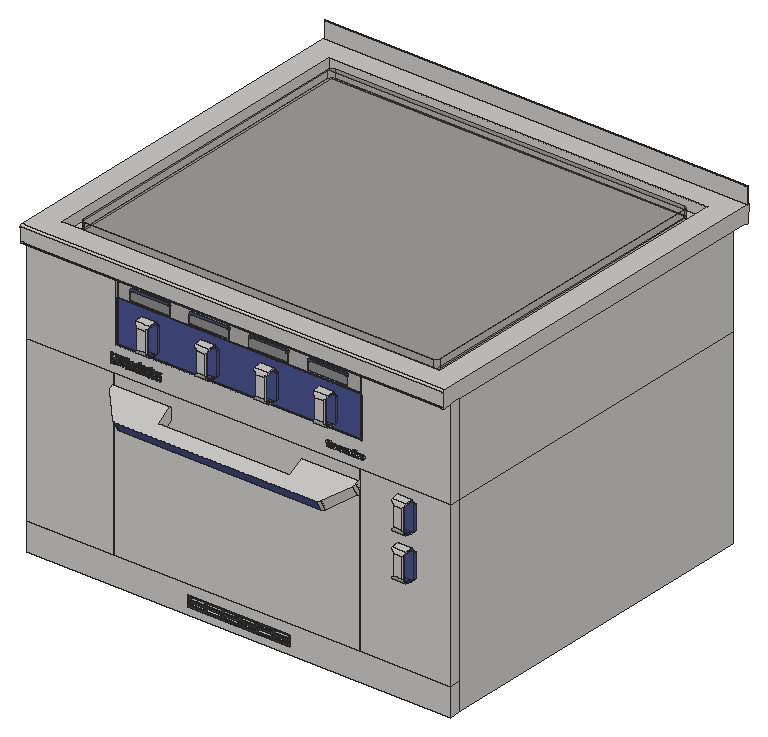
Revit family "QF_ELECTROLUXPROFESSIONAL_589666_MCIMEBJ8AO", category Attrezzature speciali, Revit 2020
Family settings
  Quota connettore circolare = Usa diametro
  Tipo di parte = Normale
  Basato su piano di lavoro = No
  Sempre verticale = Sì
  Taglio con vuoti quando caricato = No
  Condiviso = No
  Punto di calcolo locali = No
Parameters (values of type "Standard")
  Weight = 197.00 kg
  Watts = 25000 W
  Volts = 400 V
  URL Manufacturer = "https://www.electroluxprofessional.com/"
  URL = "https://www.electroluxprofessional.com/"
  Steam Supply Size = 0"
  Steam Supply Minimum Pressure = 0.00 psi
  Steam Supply Maximum Pressure = 0.00 psi
  Steam Consumption per Hour = 0
  Refrigeration Suction Line Size = 0 mm
  Refrigeration Liquid Line Size = 0 mm
  Refrigerant Compressor Remote = yes
  Prospetto di default = 0 mm
  Phase = 3
  Modello = "MCIMEBJ8AO"
  Produttore = "Electrolux Professional"
  Length Actual = 1000 mm  # constant formula
  Item Number = "589666"
  Hot Water Size = 0"
  Height Actual = 700 mm  # constant formula
  HP = "33.5 HP"
  Gas Size = 0"
  Gas KW = 0
  Gas Input Pressure = 0.0 Btu/h
  Direct Waste Size = 0"
  Descrizione = "INDUCTION,4Z,ST.OVEN,1S,BS,1000X900X700H"
  Depth Actual = 900 mm  # constant formula
  Cycle = 50 Hz
  Condensate Return Size = 0"
  Compressed Air Volume = 0 GPM
  Compressed Air Size = 0"
  Compressed Air Pressure = 0.00 psi
  Cold Water Size = 0"
  Accessory = yes
Reference planes
  plane 1 "BACK": y = 0
  plane 2: z = 0
  plane 3 "LEFT": x = -100
  plane 4 "RIGHT": x = 900
  plane 5 "FRONT": y = -900
  plane 6 "TOP": z = 900
  plane 7 "Center (Left/Right)": x = 400
  plane 8: y = -450
  plane 9: z = 200
  plane 10: y = -150
  plane 11 "Panel": y = -855
  plane 12: z = 798
  plane 13: z = 1327
  plane 14: x = -22
  plane 15: x = 822
  plane 16: y = -150
  plane 17: y = -650
  plane 18 "EIx": x = 855
  plane 19 "EIy": y = -685
  plane 20: y = -880
  plane 21: z = 938
Forms (mm)
  Extrusion 1, solid, material "QF_Finishes_Stainless Steel"
    sketch origin (-178.969, -4572, 200) x (-1, 0, 0) y (0, -1, 0)
      loop
        line (-78.969, -4527) -> (-78.969, -3717) -> (-1078.969, -3717) -> (-1078.969, -4527) -> (-78.969, -4527)
    from 450 to 663
  Extrusion 2, solid, material "QF_Finishes_Stainless Steel"
    sketch origin (-100, 0, 0) x (0, 1, 0) y (0, 0, 1)
      loop
        line (-855, 200) -> (-855, 265) -> (-880, 265) -> (-880, 200) -> (-855, 200)
    from 0 to 1000
  Extrusion 3, solid, material "QF_Finishes_Stainless Steel"
    sketch origin (-488.969, -4662, 200) x (-1, 0, 0) y (0, -1, 0)
      loop
        circle (-1343.969, -3977) r 6.35
    from 0 to -11.851
  Extrusion 4, solid, material "QF_Finishes_Stainless Steel"
    sketch origin (400, 296.4, 1219.2) x (0, 1, 0) y (0, 0, 1)
      loop
        line (-296.4, -319.2) -> (-1191.4, -319.2)
        arc (-1191.4, -319.2) -> (-1194.935, -320.664) -> (-1196.4, -324.2) r 5
        line (-1196.4, -324.2) -> (-1196.4, -355.2)
        arc (-1196.4, -355.2) -> (-1194.971, -358.264) -> (-1191.705, -359.139) r 4
        line (-1191.705, -359.139) -> (-1176.4, -356.231) -> (-316.4, -356.231) -> (-301.094, -359.139)
        arc (-301.094, -359.139) -> (-297.829, -358.264) -> (-296.4, -355.2) r 4
        line (-296.4, -355.2) -> (-296.4, -319.2)
    from -500 to 500
  Extrusion 5, solid, material "QF_Finishes_Electrolux_Black Smoke Iluminated"
    sketch origin (0, 0, 900) x (-1, 0, 0) y (0, -1, 0)
      loop
        arc (12, 79) -> (19.071, 81.929) -> (22, 89) r 10
        line (22, 89) -> (22, 810)
        arc (22, 810) -> (19.071, 817.071) -> (12, 820) r 10
        line (12, 820) -> (-812, 820)
        arc (-812, 820) -> (-819.071, 817.071) -> (-822, 810) r 10
        line (-822, 810) -> (-822, 89)
        arc (-822, 89) -> (-819.071, 81.929) -> (-812, 79) r 10
        line (-812, 79) -> (12, 79)
    from 0 to -20
  Extrusion 6, solid, material "QF_Finishes_Stainless Steel"
    sketch origin (-178.969, -4572, 200) x (-1, 0, 0) y (0, -1, 0)
      loop
        line (-78.969, -4527) -> (-78.969, -3717) -> (-1078.969, -3717) -> (-1078.969, -4527) -> (-78.969, -4527)
    from 450 to 0
  Extrusion 7, void
    sketch origin (0, -855, 0) x (-1, 0, 0) y (0, 0, 1)
      loop
        line (-520, 216.594) -> (-280, 216.594) -> (-280, 241.594) -> (-520, 241.594) -> (-520, 216.594)
    from 0 to -25
  Extrusion 8, solid, material "QF_Finishes_Black"
    sketch origin (0, -855, 0) x (-1, 0, 0) y (0, 0, 1)
      loop
        line (-280, 241.594) -> (-520, 241.594) -> (-520, 216.594) -> (-280, 216.594) -> (-280, 241.594)
      loop
        line (-282, 239.594) -> (-319.131, 239.594) -> (-319.131, 230.094) -> (-282, 230.094) -> (-282, 239.594)
      loop
        line (-282, 218.594) -> (-282, 228.094) -> (-319.131, 228.094) -> (-319.131, 218.594) -> (-282, 218.594)
      loop
        line (-321.131, 239.594) -> (-359.066, 239.594) -> (-359.066, 230.094) -> (-321.131, 230.094) -> (-321.131, 239.594)
      loop
        line (-399, 239.594) -> (-399, 230.094) -> (-361.066, 230.094) -> (-361.066, 239.594) -> (-399, 239.594)
      loop
        line (-401, 239.594) -> (-438.934, 239.594) -> (-438.934, 230.094) -> (-401, 230.094) -> (-401, 239.594)
      loop
        line (-359.066, 218.594) -> (-321.131, 218.594) -> (-321.131, 228.094) -> (-359.066, 228.094) -> (-359.066, 218.594)
      loop
        line (-361.066, 218.594) -> (-361.066, 228.094) -> (-399, 228.094) -> (-399, 218.594) -> (-361.066, 218.594)
      loop
        line (-401, 228.094) -> (-438.934, 228.094) -> (-438.934, 218.594) -> (-401, 218.594) -> (-401, 228.094)
      loop
        line (-518, 239.594) -> (-518, 230.094) -> (-480.869, 230.094) -> (-480.869, 239.594) -> (-518, 239.594)
      loop
        line (-518, 218.594) -> (-480.869, 218.594) -> (-480.869, 228.094) -> (-518, 228.094) -> (-518, 218.594)
      loop
        line (-478.869, 239.594) -> (-478.869, 230.094) -> (-440.934, 230.094) -> (-440.934, 239.594) -> (-478.869, 239.594)
      loop
        line (-440.934, 218.594) -> (-440.934, 228.094) -> (-478.869, 228.094) -> (-478.869, 218.594) -> (-440.934, 218.594)
    from -25.03 to -20
  Extrusion 9, void
    sketch origin (0, 0, 900) x (-1, 0, 0) y (0, -1, 0)
      loop
        line (47, 845) -> (-847, 845) -> (-847, 54) -> (47, 54) -> (47, 845)
    from 0 to -25
  Extrusion 10, solid, material "QF_Finishes_Stainless Steel"
    sketch origin (0, 0, 900) x (-1, 0, 0) y (0, -1, 0)
      loop
        line (18, 83) -> (18, 816) -> (-818, 816) -> (-818, 83) -> (18, 83)
    from -20 to -25
  Extrusion 11, solid, material "QF_Finishes_Stainless Steel"
    sketch origin (400, 296.4, 1219.2) x (0, 1, 0) y (0, 0, 1)
      loop
        line (-296.4, -319.2) -> (-296.4, -281.2) -> (-298.4, -281.2) -> (-298.4, -319.2) -> (-296.4, -319.2)
    from -500 to 500
Cuts and joins
  Extrusion 7 cuts Extrusion 6
  Extrusion 7 cuts Extrusion 2
  Extrusion 9 cuts Extrusion 4
Lines and regions (mm)
  symbolic lines
    curve 1: line (-100, 0, 200) -> (900, 0, 200)
    curve 2: line (-100, -900, 200) -> (-100, 0, 200)
    curve 3: line (900, -900, 200) -> (-100, -900, 200)
    curve 4: line (900, 0, 200) -> (900, -900, 200)
    curve 5: line (812, -79, 200) -> (-12, -79, 200)
    curve 6: line (-22, -89, 200) -> (-22, -810, 200)
    curve 7: line (-12, -820, 200) -> (812, -820, 200)
    curve 8: line (822, -810, 200) -> (822, -89, 200)
    curve 9: arc (-12, -79, 200) -> (-19.071, -81.929, 200) -> (-22, -89, 200) r 10
    curve 10: arc (822, -89, 200) -> (819.071, -81.929, 200) -> (812, -79, 200) r 10
    curve 11: arc (812, -820, 200) -> (819.071, -817.071, 200) -> (822, -810, 200) r 10
    curve 12: arc (-22, -810, 200) -> (-19.071, -817.071, 200) -> (-12, -820, 200) r 10
    curve 13: line (847, -54, 900) -> (-47, -54, 900)
    curve 14: line (-47, -54, 900) -> (-47, -845, 900)
    curve 15: line (847, -845, 900) -> (847, -54, 900)
    curve 16: line (-47, -845, 900) -> (847, -845, 900)
    curve 55: line (-100, -2, 900) -> (900, -2, 900)
  model lines
    curve 17: line (64.474, -422.012, 900) -> (46.796, -404.335, 900)
    curve 18: line (46.796, -404.335, 900) -> (46.796, -169.335, 900)
    curve 19: line (46.796, -169.335, 900) -> (64.474, -151.657, 900)
    curve 20: line (183.85, -245.603, 900) -> (183.85, -325.603, 900)
    curve 21: line (143.85, -285.603, 900) -> (223.85, -285.603, 900)
    curve 22: line (303.226, -422.012, 900) -> (320.903, -404.335, 900)
    curve 23: line (320.903, -404.335, 900) -> (320.903, -169.335, 900)
    curve 24: line (320.903, -169.335, 900) -> (303.226, -151.657, 900)
    curve 25: line (494.474, -422.012, 900) -> (476.796, -404.335, 900)
    curve 26: line (476.796, -404.335, 900) -> (476.796, -169.335, 900)
    curve 27: line (476.796, -169.335, 900) -> (494.474, -151.657, 900)
    curve 28: line (613.85, -245.603, 900) -> (613.85, -325.603, 900)
    curve 29: line (573.85, -285.603, 900) -> (653.85, -285.603, 900)
    curve 30: line (733.226, -422.012, 900) -> (750.903, -404.335, 900)
    curve 31: line (750.903, -404.335, 900) -> (750.903, -169.335, 900)
    curve 32: line (750.903, -169.335, 900) -> (733.226, -151.657, 900)
    curve 33: line (64.474, -477.988, 900) -> (46.796, -495.665, 900)
    curve 34: line (46.796, -495.665, 900) -> (46.796, -730.665, 900)
    curve 35: line (46.796, -730.665, 900) -> (64.474, -748.343, 900)
    curve 36: line (183.85, -654.397, 900) -> (183.85, -574.397, 900)
    curve 37: line (143.85, -614.397, 900) -> (223.85, -614.397, 900)
    curve 38: line (303.226, -477.988, 900) -> (320.903, -495.665, 900)
    curve 39: line (320.903, -495.665, 900) -> (320.903, -730.665, 900)
    curve 40: line (320.903, -730.665, 900) -> (303.226, -748.343, 900)
    curve 41: line (494.474, -477.988, 900) -> (476.796, -495.665, 900)
    curve 42: line (476.796, -495.665, 900) -> (476.796, -730.665, 900)
    curve 43: line (476.796, -730.665, 900) -> (494.474, -748.343, 900)
    curve 44: line (613.85, -654.397, 900) -> (613.85, -574.397, 900)
    curve 45: line (573.85, -614.397, 900) -> (653.85, -614.397, 900)
    curve 46: line (733.226, -477.988, 900) -> (750.903, -495.665, 900)
    curve 47: line (750.903, -495.665, 900) -> (750.903, -730.665, 900)
    curve 48: line (750.903, -730.665, 900) -> (733.226, -748.343, 900)
    curve 49: line (-7.896, -110.891, 900) -> (13.317, -89.677, 900)
    curve 50: line (13.317, -89.677, 900) -> (786.683, -89.677, 900)
    curve 51: line (807.896, -110.891, 900) -> (786.683, -89.677, 900)
    curve 52: line (-7.896, -789.109, 900) -> (13.317, -810.323, 900)
    curve 53: line (13.317, -810.323, 900) -> (786.683, -810.323, 900)
    curve 54: line (807.896, -789.109, 900) -> (786.683, -810.323, 900)
Dimensions and locks
  plane 3 "LEFT" to plane 4 "RIGHT" = 1000 mm
  plane 5 "FRONT" to plane 1 "BACK" = 900 mm
  plane 3 "LEFT" to plane 7 "Center (Left/Right)" to plane 4 "RIGHT" = 500 mm, 500 mm
  equal spacing: plane 5 "FRONT", plane 8, plane 1 "BACK"
  plane 6 "TOP" to level = 900 mm  (x2)
  plane 9 to level = 200 mm
  plane 1 "BACK" to plane 10 to plane 11 "Panel" = 150 mm, 705 mm  (x2)
  plane 6 "TOP" to plane 9 to level = 700 mm, 200 mm
  plane 1 "BACK" to plane 5 "FRONT" = 900 mm
  plane 1 "BACK" to Extrusion 3 = 685 mm
  plane 12 to plane 9 = 598 mm
  plane 13 to plane 6 "TOP" = 427 mm
  plane 6 "TOP" to plane 12 = 102 mm
  plane 14 to plane 3 "LEFT" = 78 mm
  plane 15 to plane 4 "RIGHT" = 78 mm
  locked: plane 1 "BACK" to plane 16 at 150
  locked: plane 16 to plane 17 at 500
  plane 11 "Panel" to plane 5 "FRONT" = 45 mm
  plane 18 "EIx" to plane 4 "RIGHT" = 45 mm
  plane 19 "EIy" to plane 1 "BACK" = 685 mm
  locked: plane 11 "Panel" to plane 20 at 25
  plane 21 to plane 6 "TOP" = 38 mm
  aligned and locked: level to plane 2
  aligned and locked: Extrusion 2 to plane 4 "RIGHT"
  aligned and locked: cut or joined group of Extrusion 4, Extrusion 9 to plane 3 "LEFT"
  aligned and locked: cut or joined group of Extrusion 4, Extrusion 9 to plane 4 "RIGHT"
  aligned and locked: cut or joined group of Extrusion 6, Extrusion 7 to plane 4 "RIGHT"
  aligned and locked: cut or joined group of Extrusion 6, Extrusion 7 to plane 3 "LEFT"
  aligned and locked: nested 1 to plane 11 "Panel"
  aligned and locked: nested 4 to plane 11 "Panel"
  aligned and locked: Extrusion 1 to plane 11 "Panel"
  aligned and locked: plane 11 "Panel" to cut or joined group of Extrusion 2, Extrusion 7
  aligned and locked: nested 2 to plane 20
  aligned and locked: nested 3 to plane 20
  aligned and locked: Extrusion 1 to plane 3 "LEFT"
  aligned and locked: Extrusion 1 to plane 4 "RIGHT"
  aligned and locked: plane 3 "LEFT" to nested 1
Automatic sketch dimensions
  Extrusion 3 sketch curve to plane 18 "EIx" = 0 mm
  Extrusion 3 sketch curve to plane 19 "EIy" = 0 mm
  Extrusion 4 sketch curve to plane 5 "FRONT" = 0 mm
  Extrusion 4 sketch curve to plane 6 "TOP" = 0 mm
  Extrusion 4 sketch curve to plane 20 = 0 mm
  Extrusion 4 sketch curve to plane 1 "BACK" = 0 mm
  Extrusion 4 sketch curve to Extrusion 4 sketch curve = 4 mm
  Extrusion 4 sketch curve to Extrusion 4 sketch curve = 0.695 mm
  Extrusion 4 sketch curve to plane 5 "FRONT" = 5 mm
  plane 1 "BACK" to Extrusion 4 sketch curve = 20 mm
  plane 1 "BACK" to Extrusion 4 sketch curve = 4.695 mm
  plane 1 "BACK" to Extrusion 4 sketch curve = 4 mm
  Extrusion 4 sketch curve to Extrusion 4 sketch curve = 31 mm
  Extrusion 4 sketch curve to Extrusion 4 sketch curve = 36 mm
  Extrusion 4 sketch curve to Extrusion 4 sketch curve = 2.909 mm
  Extrusion 1 sketch curve to plane 4 "RIGHT" = 0 mm
  Extrusion 1 sketch curve to plane 3 "LEFT" = 0 mm
  Extrusion 1 sketch curve to plane 11 "Panel" = 0 mm
  plane 1 "BACK" to Extrusion 1 sketch curve = 45 mm
  Extrusion 2 sketch curve to plane 9 = 0 mm
  Extrusion 2 sketch curve to plane 20 = 0 mm
  Extrusion 2 sketch curve to plane 11 "Panel" = 0 mm
  plane 9 to Extrusion 2 sketch curve = 65 mm
  plane 1 "BACK" to curve 1 = 0 mm
  curve 1 to plane 4 "RIGHT" = 0 mm
  curve 8 to plane 15 = 0 mm
  curve 6 to plane 14 = 0 mm
  curve 2 to plane 3 "LEFT" = 0 mm
  plane 5 "FRONT" to curve 3 = 0 mm
  plane 15 to curve 5 = 10 mm
  plane 15 to curve 11 = 10 mm
  curve 5 to plane 14 = 10 mm
  curve 12 to curve 12 = 10 mm
  plane 10 to curve 5 = 71 mm
  plane 11 "Panel" to curve 11 = 45 mm
  Extrusion 5 sketch curve to plane 15 = 0 mm
  Extrusion 5 sketch curve to plane 14 = 0 mm
  plane 15 to Extrusion 5 sketch curve = 10 mm  (x2)
  Extrusion 5 sketch curve to Extrusion 5 sketch curve = 10 mm  (x2)
  plane 10 to Extrusion 5 sketch curve = 71 mm
  plane 11 "Panel" to Extrusion 5 sketch curve = 45 mm
  Extrusion 6 sketch curve to plane 4 "RIGHT" = 0 mm
  Extrusion 6 sketch curve to plane 3 "LEFT" = 0 mm
  Extrusion 6 sketch curve to plane 11 "Panel" = 0 mm
  plane 1 "BACK" to Extrusion 6 sketch curve = 45 mm
  plane 9 to Extrusion 7 sketch curve = 41.594 mm
  plane 7 "Center (Left/Right)" to Extrusion 7 sketch curve = 120 mm
  Extrusion 7 sketch curve to plane 7 "Center (Left/Right)" = 120 mm
  plane 9 to Extrusion 7 sketch curve = 16.594 mm
  plane 9 to Extrusion 8 sketch curve = 41.594 mm
  plane 7 "Center (Left/Right)" to Extrusion 8 sketch curve = 120 mm
  Extrusion 8 sketch curve to Extrusion 8 sketch curve = 2 mm  (x16)
  Extrusion 8 sketch curve to Extrusion 8 sketch curve = 0 mm  (x15)
  Extrusion 8 sketch curve to Extrusion 8 sketch curve = 37.131 mm  (x2)
  Extrusion 8 sketch curve to Extrusion 8 sketch curve = 37.934 mm  (x3)
  plane 7 "Center (Left/Right)" to Extrusion 8 sketch curve = 1 mm  (x2)
  Extrusion 8 sketch curve to plane 7 "Center (Left/Right)" = 1 mm  (x2)
  plane 9 to Extrusion 8 sketch curve = 18.594 mm  (x4)
  Extrusion 8 sketch curve to Extrusion 8 sketch curve = 9.5 mm  (x6)
  plane 18 "EIx" to Extrusion 9 sketch curve = 8 mm
  plane 14 to Extrusion 9 sketch curve = 25 mm
  plane 1 "BACK" to Extrusion 9 sketch curve = 54 mm
  plane 11 "Panel" to Extrusion 9 sketch curve = 10 mm
  plane 15 to Extrusion 10 sketch curve = 4 mm
  Extrusion 10 sketch curve to plane 14 = 4 mm
  plane 10 to Extrusion 10 sketch curve = 67 mm
  plane 11 "Panel" to Extrusion 10 sketch curve = 39 mm
  plane 18 "EIx" to curve 15 = 8 mm
  plane 15 to curve 51 = 35.317 mm
  plane 15 to curve 53 = 35.317 mm
  curve 32 to plane 10 = 19.335 mm
  plane 15 to curve 32 = 71.097 mm
  plane 15 to curve 48 = 71.097 mm
  plane 7 "Center (Left/Right)" to curve 26 = 76.796 mm
  plane 7 "Center (Left/Right)" to curve 42 = 76.796 mm
  curve 38 to plane 7 "Center (Left/Right)" = 79.097 mm
  curve 23 to plane 10 = 19.335 mm
  curve 23 to plane 7 "Center (Left/Right)" = 79.097 mm
  curve 35 to plane 14 = 68.796 mm
  curve 17 to plane 14 = 68.796 mm
  curve 50 to plane 14 = 35.317 mm
  curve 53 to plane 14 = 35.317 mm
  plane 14 to curve 14 = 25 mm
  plane 10 to curve 49 = 60.323 mm
  plane 1 "BACK" to curve 15 = 54 mm
  curve 18 to plane 10 = 19.335 mm
  curve 27 to plane 10 = 19.335 mm
  plane 8 to curve 18 = 45.665 mm
  plane 8 to curve 26 = 45.665 mm
  plane 8 to curve 23 = 45.665 mm
  plane 8 to curve 30 = 45.665 mm
  curve 34 to plane 8 = 45.665 mm
  curve 42 to plane 8 = 45.665 mm
  curve 38 to plane 8 = 45.665 mm
  curve 46 to plane 8 = 45.665 mm
  curve 42 to plane 19 "EIy" = 45.665 mm
  curve 39 to plane 19 "EIy" = 45.665 mm
  curve 34 to plane 19 "EIy" = 45.665 mm
  curve 48 to plane 19 "EIy" = 45.665 mm
  plane 11 "Panel" to curve 54 = 44.677 mm
  plane 11 "Panel" to curve 16 = 10 mm
  plane 15 to curve 51 = 14.104 mm
  plane 15 to curve 54 = 14.104 mm
  curve 32 to plane 10 = 1.657 mm
  curve 31 to curve 32 = 17.678 mm
  curve 46 to plane 8 = 27.988 mm
  curve 46 to curve 46 = 17.678 mm
  curve 47 to curve 48 = 17.678 mm  (x2)
  plane 8 to curve 30 = 27.988 mm
  curve 30 to curve 30 = 17.678 mm
  curve 45 to plane 17 = 35.603 mm
  curve 47 to curve 45 = 97.053 mm
  curve 31 to curve 29 = 97.053 mm
  curve 45 to curve 44 = 40 mm
  curve 29 to curve 28 = 40 mm  (x2)
  curve 28 to curve 29 = 40 mm  (x2)
  curve 44 to curve 45 = 40 mm  (x2)
  curve 43 to curve 42 = 17.678 mm
  curve 41 to plane 8 = 27.988 mm
  curve 41 to curve 41 = 17.678 mm
  curve 27 to plane 10 = 1.657 mm
  curve 27 to curve 26 = 17.678 mm
  plane 8 to curve 25 = 27.988 mm
  curve 25 to curve 25 = 17.678 mm
  curve 38 to plane 8 = 27.988 mm
  curve 38 to curve 38 = 17.678 mm
  curve 39 to curve 40 = 17.678 mm  (x2)
  plane 8 to curve 22 = 27.988 mm
  curve 22 to curve 22 = 17.678 mm
  curve 24 to plane 10 = 1.657 mm
  curve 23 to curve 24 = 17.678 mm
  curve 37 to plane 17 = 35.603 mm
  curve 39 to curve 37 = 97.053 mm
  curve 23 to curve 21 = 97.053 mm
  curve 21 to curve 20 = 40 mm  (x2)
  curve 37 to curve 36 = 40 mm
  curve 20 to curve 21 = 40 mm  (x2)
  curve 36 to curve 37 = 40 mm  (x2)
  plane 8 to curve 17 = 27.988 mm
  curve 17 to curve 17 = 17.678 mm
  curve 33 to plane 8 = 27.988 mm
  curve 33 to curve 33 = 17.678 mm
  curve 35 to curve 34 = 17.678 mm
  curve 19 to plane 10 = 1.657 mm
  curve 19 to curve 18 = 17.678 mm
  curve 49 to plane 14 = 14.104 mm
  curve 52 to plane 14 = 14.104 mm
  curve 50 to curve 51 = 21.213 mm
  curve 49 to curve 49 = 21.213 mm
  curve 20 to plane 10 = 95.603 mm
  curve 28 to plane 10 = 95.603 mm
  plane 17 to curve 36 = 4.397 mm
  plane 17 to curve 44 = 4.397 mm
  curve 42 to curve 43 = 17.678 mm
  curve 34 to curve 35 = 17.678 mm
  curve 54 to curve 54 = 21.213 mm
  curve 52 to curve 52 = 21.213 mm
  Extrusion 11 sketch curve to plane 6 "TOP" = 0 mm
  Extrusion 11 sketch curve to plane 21 = 0 mm
  Extrusion 11 sketch curve to plane 1 "BACK" = 0 mm
  plane 1 "BACK" to Extrusion 11 sketch curve = 2 mm
  radius of Extrusion 3 sketch curve = 6.35 mm
Nested families
  nested 1: "Door_Panel_W1000_A" at (400, -855, 0), type "Door_Panel_W1000_A"
  nested 2: "FIT Range Control Handle" at (795, -883.137, -372.751), type "FIT Range Control Handle"
  nested 3: "FIT Range Control Handle" at (795, -883.137, -474.751), type "FIT Range Control Handle"
  nested 4: "Front_Panel_W1000_4 Knobs" at (102.376, -855, 0), type "Front_Panel_W1000_4 Knobs"
Connectors
  electrical at (855, -685, 188.149)
    settings: on Extrusion 3, index 1, voltage 400 V, apparent load 33000 VA, apparent load phase1 0 VA, apparent load phase2 0 VA, apparent load phase3 0 VA, power factor 1, load classification "Other", number of poles 1, system type 30, power factor state 1, is connector primary yes, connector utility no, sub classification motor no, connector description "ELECTRICAL CONNECTION"
Definition of nested family "Door_Panel_W1000_A"
  Parameters
    Default Elevation = 0 mm
  Reference planes
    plane 1 "Center (Front/Back)": y = 0
    plane 2 "Ref. Level": z = 0
    plane 3: x = 500
    plane 4: x = -500
    plane 5 "Center (Left/Right)": x = 0
    plane 6: x = -295
    plane 7: x = 285
    plane 8 "Manopola": through (-6096, -50.059, 612.389) normal (0, -0.515, 0.8572)
    plane 9 "Top": z = 650
    plane 10: z = 265
    plane 11: z = 200
  Forms (mm)
    Extrusion 1, solid
      sketch origin (0, 0, 0) x (0, 1, 0) y (0, 0, 1)
        loop
          line (-25.03, 650) -> (-25.03, 265) -> (0, 265) -> (0, 650) -> (-25.03, 650)
      from 285 to 500
    Extrusion 2, solid
      sketch origin (0, 0, 0) x (0, 1, 0) y (0, 0, 1)
        loop
          line (-25.03, 650) -> (-25.03, 265) -> (0, 265) -> (0, 650) -> (-25.03, 650)
      from -500 to -295
    Extrusion 3, solid
      sketch origin (0, 0, 0) x (0, 1, 0) y (0, 0, 1)
        loop
          line (-25.03, 650) -> (-25.03, 265) -> (0, 265) -> (0, 650) -> (-25.03, 650)
      from -295 to 285
    Extrusion 4, solid
      sketch origin (0, -283.633, 472.044) x (0, 0.857167, 0.515038) y (-1, 0, 0)
        loop
          line (299.12, -285) -> (299.12, 295) -> (290.982, 295)
          arc (290.982, 295) -> (286.677, 294.026) -> (283.211, 291.293) r 10
          line (283.211, 291.293) -> (233.28, 250.86)
          arc (233.28, 250.86) -> (230.548, 247.394) -> (229.574, 243.089) r 10
          line (229.574, 243.089) -> (229.574, -233.089)
          arc (229.574, -233.089) -> (230.548, -237.394) -> (233.28, -240.86) r 10
          line (233.28, -240.86) -> (283.211, -281.293)
          arc (283.211, -281.293) -> (286.677, -284.026) -> (290.982, -285) r 10
          line (290.982, -285) -> (299.12, -285)
      from -27 to 0
    Extrusion 5, void
      sketch origin (0, 0, 0) x (0, 1, 0) y (0, 0, 1)
        loop
          line (-61.514, 605.507) -> (-47.608, 582.363) -> (-25.03, 595.93) -> (-25.03, 627.429) -> (-61.514, 605.507)
      from -160 to 150
    Extrusion 6, solid, detail levels coarse
      sketch origin (0, 0, 0) x (0, 1, 0) y (0, 0, 1)
        loop
          line (-25.03, 265) -> (-25.03, 650)
          arc (-25.03, 650) -> (-297.266, 537.236) -> (-410.03, 265) r 385
          line (-410.03, 265) -> (-25.03, 265)
      from -295 to 285
  Cuts and joins
    Extrusion 5 cuts Extrusion 4
    joined: Extrusion 3, Extrusion 4
  Lines and regions (mm)
    symbolic lines
      curve 1: line (-287.355, -45.043, 0) -> (-250.86, -83.673, 0)
      curve 2: line (-243.089, -86.85, 0) -> (233.089, -86.85, 0)
      curve 3: line (240.86, -83.673, 0) -> (277.355, -45.043, 0)
      curve 4: arc (-243.089, -86.85, 0) -> (-247.318, -86.101, 0) -> (-250.86, -83.673, 0) r 10.165
      curve 5: arc (233.089, -86.85, 0) -> (237.318, -86.101, 0) -> (240.86, -83.673, 0) r 10.165
      curve 6: line (-295, -45.043, 0) -> (-295, -410.03, 0)
      curve 7: line (-295, -410.03, 0) -> (285, -410.03, 0)
      curve 8: line (285, -410.03, 0) -> (285, -45.03, 0)
  Dimensions and locks
    plane 3 to plane 4 = 1000 mm
    plane 4 to plane 3 = 1000 mm
    equal spacing: plane 3, plane 5 "Center (Left/Right)", plane 4
    plane 6 to plane 4 = 205 mm
    plane 3 to plane 7 = 215 mm
    plane 11 to level = 200 mm
    plane 10 to plane 11 = 65 mm
    plane 10 to plane 9 "Top" = 385 mm
    plane 9 "Top" to plane 11 = 450 mm
    aligned and locked: plane 3 to Extrusion 1
    aligned and locked: cut or joined group of Extrusion 3, Extrusion 4, Extrusion 5 to plane 6
    aligned and locked: cut or joined group of Extrusion 3, Extrusion 4, Extrusion 5 to plane 7
    aligned and locked: plane 7 to Extrusion 1
    aligned and locked: plane 6 to Extrusion 2
    aligned and locked: Extrusion 2 to plane 4
    aligned and locked: plane 10 to Extrusion 2
    aligned and locked: plane 10 to cut or joined group of Extrusion 3, Extrusion 4, Extrusion 5
    aligned and locked: plane 10 to Extrusion 1
    aligned and locked: Extrusion 6 to plane 6
    aligned and locked: Extrusion 6 to plane 7
  Automatic sketch dimensions
    Extrusion 5 sketch curve to plane 8 "Manopola" = 0 mm  (x2)
    plane 1 "Center (Front/Back)" to Extrusion 5 sketch curve = 61.514 mm
    Extrusion 5 sketch curve to Extrusion 5 sketch curve = 13.906 mm
    plane 1 "Center (Front/Back)" to Extrusion 5 sketch curve = 25.03 mm
    Extrusion 4 sketch curve to plane 7 = 0 mm
    Extrusion 4 sketch curve to plane 6 = 0 mm
    plane 6 to Extrusion 4 sketch curve = 51.911 mm
    plane 7 to Extrusion 4 sketch curve = 44.14 mm
    Extrusion 4 sketch curve to Extrusion 4 sketch curve = 3.707 mm  (x2)
    plane 6 to Extrusion 4 sketch curve = 44.14 mm
    plane 7 to Extrusion 4 sketch curve = 3.707 mm
    Extrusion 4 sketch curve to Extrusion 4 sketch curve = 49.93 mm  (x2)
    plane 6 to Extrusion 4 sketch curve = 3.707 mm
    Extrusion 4 sketch curve to Extrusion 4 sketch curve = 7.771 mm  (x3)
    Extrusion 4 sketch curve to Extrusion 4 sketch curve = 8.138 mm
    Extrusion 2 sketch curve to plane 1 "Center (Front/Back)" = 0 mm
    Extrusion 3 sketch curve to plane 1 "Center (Front/Back)" = 0 mm
    Extrusion 1 sketch curve to plane 1 "Center (Front/Back)" = 0 mm
    Extrusion 2 sketch curve to plane 9 "Top" = 0 mm
    Extrusion 2 sketch curve to Extrusion 2 sketch curve = 25.03 mm
    Extrusion 3 sketch curve to plane 9 "Top" = 0 mm
    Extrusion 3 sketch curve to Extrusion 3 sketch curve = 25.03 mm
    Extrusion 1 sketch curve to plane 9 "Top" = 0 mm
    plane 1 "Center (Front/Back)" to Extrusion 1 sketch curve = 25.03 mm
    level to Extrusion 1 sketch curve = 265 mm
    level to Extrusion 2 sketch curve = 265 mm
    level to Extrusion 3 sketch curve = 265 mm
    plane 10 to Extrusion 6 sketch curve = 0 mm
    Extrusion 6 sketch curve to plane 9 "Top" = 0 mm
    plane 1 "Center (Front/Back)" to Extrusion 6 sketch curve = 25.03 mm
    curve 7 to plane 7 = 0 mm
    plane 6 to curve 1 = 44.14 mm
    curve 4 to curve 4 = 7.389 mm
    curve 4 to curve 2 = 7.771 mm
    plane 7 to curve 2 = 51.911 mm
    curve 2 to curve 5 = 0.382 mm
    curve 2 to curve 3 = 7.771 mm
    plane 1 "Center (Front/Back)" to curve 6 = 410.03 mm
    plane 1 "Center (Front/Back)" to curve 2 = 86.85 mm
    curve 2 to curve 3 = 3.177 mm
    curve 2 to curve 1 = 3.177 mm
    plane 7 to curve 3 = 7.645 mm
    plane 1 "Center (Front/Back)" to curve 3 = 45.043 mm
    curve 3 to curve 8 = 0.013 mm
    curve 7 to plane 6 = 0 mm
    curve 6 to curve 1 = 7.645 mm
    plane 1 "Center (Front/Back)" to curve 1 = 45.043 mm
    curve 6 to curve 1 = 0 mm
Definition of nested family "FIT Range Control Handle"
  Parameters
    Default Elevation = 0 mm
  Reference planes
    plane 1 "Center (Front/Back)": y = 0
    plane 2: z = 0
    plane 3 "Center (Left/Right)": x = 0
    plane 4: z = 971.092
    plane 5: y = -16.8
  Forms (mm)
    Extrusion 1, solid
      sketch origin (-746.28, 380.497, 208.931) x (-1, 0, 0) y (0, 0, 1)
        loop
          line (-770.101, 786.798) -> (-770.101, 731.649)
          arc (-770.101, 731.649) -> (-769.759, 730.563) -> (-768.855, 729.87) r 1.893
          line (-768.855, 729.87) -> (-763.474, 727.911) -> (-729.81, 727.911) -> (-724.428, 729.87)
          arc (-724.428, 729.87) -> (-723.525, 730.563) -> (-723.183, 731.649) r 1.893
          line (-723.183, 731.649) -> (-723.183, 786.798)
          arc (-723.183, 786.798) -> (-723.529, 787.894) -> (-724.44, 788.593) r 1.91
          line (-724.44, 788.593) -> (-729.683, 790.819) -> (-763.601, 790.819) -> (-768.844, 788.593)
          arc (-768.844, 788.593) -> (-769.755, 787.894) -> (-770.101, 786.798) r 1.91
      from -382.35 to -378.852
    Sweep 2, solid
      path origin (-746.788, 380.496, 208.091) x (0, -1, 0) y (0, 0, 1)
        loop
          line (379.775, 793.281) -> (395.661, 791.048)
          arc (395.661, 791.048) -> (397.781, 787.377) -> (398.517, 783.202) r 12.207
          line (398.517, 783.202) -> (398.517, 737.368)
          arc (398.517, 737.368) -> (397.781, 733.193) -> (395.661, 729.522) r 12.207
          line (395.661, 729.522) -> (379.775, 727.289)
      profile origin (-746.788, -7.222, 1000.256) x (0, -0.139173, 0.990268) y (-1, 0, 0)
        loop
          line (0.782, -763.123) -> (0.782, -730.907) -> (-1.322, -730.907) -> (-1.322, -763.123) -> (0.782, -763.123)
    Sweep 3, solid
      path origin (-746.788, 380.715, 207.832) x (0, -1, 0) y (0, 0, 1)
        loop
          line (380.478, 795.442) -> (397.218, 793.09)
          arc (397.218, 793.09) -> (399.929, 788.473) -> (400.871, 783.202) r 15.207
          line (400.871, 783.202) -> (400.871, 737.584)
          arc (400.871, 737.584) -> (399.914, 732.274) -> (397.164, 727.633) r 15.207
          line (397.164, 727.633) -> (380.601, 725.305)
      profile origin (-746.788, -8.132, 1002.099) x (0, -0.139173, 0.990268) y (-1, 0, 0)
        loop
          line (0.782, -763.123) -> (0.782, -730.907) -> (-1.322, -730.907) -> (-1.322, -763.123) -> (0.782, -763.123)
    Extrusion 4, void
      sketch origin (889.253, 220.666, 207.993) x (1, 0, 0) y (0, 0, 1)
        loop
          line (-943.038, 816.854) -> (-943.038, 703.686) -> (-899.466, 734.196) -> (-899.466, 786.344) -> (-943.038, 816.854)
      from 230.636 to 242.25
    Extrusion 5, void
      sketch origin (-888.8, 220.666, 207.993) x (-1, 0, 0) y (0, 0, -1)
        loop
          line (-943.038, -816.854) -> (-899.466, -786.344) -> (-899.466, -734.196) -> (-943.038, -703.686) -> (-943.038, -816.854)
      from 230.636 to 242.25
    Extrusion 6, solid
      sketch origin (0, 0, 0) x (1, 0, 0) y (0, 0, 1)
        loop
          circle (0, 971.092) r 7.736
      from -3.137 to -1.645
  Cuts and joins
    Extrusion 4, Extrusion 5 cuts Sweep 3
    Extrusion 4, Extrusion 5 cuts Sweep 2
    joined: Extrusion 1, Extrusion 6
  Lines and regions (mm)
    symbolic lines
      curve 1: line (-15.881, -19.189, 0) -> (-15.881, -16.8, 0)
      curve 2: line (16.334, -19.189, 0) -> (16.334, -16.8, 0)
      curve 3: spline (-15.881, -19.189, 0) -> (-15.417, -19.349, 0) -> (-14.951, -19.501, 0) -> (-14.483, -19.646, 0) -> (-14.014, -19.783, 0) -> (-13.543, -19.912, 0) -> (-13.071, -20.033, 0) -> (-12.597, -20.146, 0) -> (-12.122, -20.251, 0) -> (-11.646, -20.349, 0) -> (-11.169, -20.438, 0) -> (-10.691, -20.52, 0) -> (-10.213, -20.593, 0)
      curve 4: spline (10.666, -20.593, 0) -> (11.144, -20.52, 0) -> (11.622, -20.438, 0) -> (12.099, -20.349, 0) -> (12.575, -20.251, 0) -> (13.05, -20.146, 0) -> (13.524, -20.033, 0) -> (13.996, -19.912, 0) -> (14.467, -19.783, 0) -> (14.936, -19.646, 0) -> (15.404, -19.501, 0) -> (15.87, -19.349, 0) -> (16.334, -19.189, 0)
      curve 5: line (-10.213, -20.938, 0) -> (10.716, -20.938, 0)
  Dimensions and locks
    cut or joined group of Sweep 3, Extrusion 4, Extrusion 5 to cut or joined group of Sweep 3, Extrusion 4, Extrusion 5 = 71.686 mm
Definition of nested family "Front_Panel_W1000_4 Knobs"
  Parameters
    Default Elevation = 0 mm
  Reference planes
    plane 1 "Center (Front/Back)": y = 0
    plane 2: z = 0
    plane 3 "Center (Left/Right)": x = 297.624
    plane 4 "Left": x = -202.376
    plane 5 "Right": x = 797.624
    plane 6: y = -45
    plane 7: x = 87.624
    plane 8: x = 227.624
    plane 9: y = -310
    plane 10: y = -25
    plane 11: x = -2.376
    plane 12: x = 367.624
    plane 13: x = 507.624
    plane 14: x = 594.715
  Forms (mm)
    Extrusion 1, solid
      sketch origin (833.217, 829.203, -1.25) x (0, 1, 0) y (0, 0, 1)
        loop
          line (-854.203, 651.25) -> (-829.203, 651.25) -> (-829.203, 864.25) -> (-854.203, 864.25) -> (-854.203, 651.25)
      from -1035.593 to -35.593
    Extrusion 2, void
      sketch origin (0, 0, 0) x (1, 0, 0) y (0, 0, 1)
        loop
          line (7.624, 853.866) -> (7.624, 711.866) -> (587.624, 711.866) -> (587.624, 853.866) -> (7.624, 853.866)
      from 19.387 to 33.951
  Cuts and joins
    Extrusion 2 cuts Extrusion 1
  Lines and regions (mm)
    symbolic lines
      curve 1: line (131.124, -45, 0) -> (131.124, -310, 0)
      curve 2: line (131.124, -310, 0) -> (464.124, -310, 0)
      curve 3: line (235.966, -310, 0) -> (240.646, -334.075, 0)
      curve 4: line (240.646, -334.075, 0) -> (354.603, -334.075, 0)
      curve 5: line (354.603, -334.075, 0) -> (359.283, -310, 0)
      curve 6: line (464.124, -310, 0) -> (464.124, -45, 0)
      curve 7: line (131.124, -300, 0) -> (464.124, -300, 0)
      curve 8: line (240.874, -309.046, 0) -> (244.767, -329.075, 0)
      curve 9: line (244.767, -329.075, 0) -> (350.481, -329.075, 0)
      curve 10: line (350.481, -329.075, 0) -> (354.375, -309.046, 0)
  Dimensions and locks
    equal spacing: plane 5 "Right", plane 3 "Center (Left/Right)", plane 4 "Left"
    plane 5 "Right" to plane 4 "Left" = 1000 mm
    plane 3 "Center (Left/Right)" to plane 7 = 210 mm
    plane 3 "Center (Left/Right)" to plane 8 = 70 mm
    plane 6 to plane 9 = 265 mm
    plane 13 to plane 3 "Center (Left/Right)" = 210 mm
    plane 12 to plane 3 "Center (Left/Right)" = 70 mm
    aligned and locked: cut or joined group of Extrusion 1, Extrusion 2 to plane 4 "Left"
    aligned and locked: plane 5 "Right" to cut or joined group of Extrusion 1, Extrusion 2
    aligned and locked: plane 3 "Center (Left/Right)" to nested 2
    aligned and locked: cut or joined group of Extrusion 1, Extrusion 2 to nested 2
  Automatic sketch dimensions
    Extrusion 1 sketch curve to plane 1 "Center (Front/Back)" = 0 mm
    level to Extrusion 1 sketch curve = 650 mm
    plane 4 "Left" to Extrusion 2 sketch curve = 210 mm
    Extrusion 2 sketch curve to plane 5 "Right" = 210 mm
    level to Extrusion 2 sketch curve = 711.866 mm
    Extrusion 2 sketch curve to Extrusion 2 sketch curve = 142 mm
    plane 6 to curve 1 = 0 mm
    plane 6 to curve 6 = 0 mm
    plane 9 to curve 1 = 0 mm
    plane 7 to curve 1 = 43.5 mm
    curve 4 to plane 9 = 24.075 mm
    plane 8 to curve 4 = 13.021 mm
    curve 3 to curve 8 = 4.122 mm
    plane 3 "Center (Left/Right)" to curve 4 = 56.979 mm
    curve 4 to curve 2 = 109.521 mm
    plane 8 to curve 3 = 8.342 mm
    curve 3 to curve 8 = 4.908 mm
    curve 9 to curve 4 = 4.122 mm
    curve 10 to plane 9 = 19.075 mm
    curve 9 to curve 5 = 8.801 mm
    plane 9 to curve 10 = 0.954 mm
    curve 10 to curve 5 = 4.908 mm
    curve 3 to curve 8 = 0.954 mm
    curve 1 to curve 7 = 10 mm
    Extrusion 1 sketch curve to plane 6 = 20 mm
    Extrusion 1 sketch curve to Extrusion 1 sketch curve = 213 mm
  Nested families
    nested 1: "Range Control Handle" at (87.624, -28.137, -209.113) x (-1, 0, 0) z (0, 0, 1), type "Range Control Handle"
    nested 2: "Front glass control panel W1000" at (297.624, 280.644, 2.752), type "Front glass control panel W1000"
    nested 3: "Range Control Handle" at (227.624, -28.137, -209.113) x (-1, 0, 0) z (0, 0, 1), type "Range Control Handle"
    nested 4: "Range Control Handle" at (367.624, -28.137, -209.113), type "Range Control Handle"
    nested 5: "Range Control Handle" at (507.624, -28.137, -209.113), type "Range Control Handle"
    nested 6: "ELX_ThermaLine_Small" at (546.122, -25, 679.426) x (1, 0, 0) z (0, -1, 0), type "ELX_ThermaLine_Small"
      with Show Logo yes, Material_Logo none
    nested 7: "ELX_Professional_Logo_Small" at (57.11, -25, 681.659) x (1, 0, 0) z (0, -1, 0), type "ELX_Professional_Logo_Small"
      with Show Logo yes, Material_Logo none
  Definition of nested family "Range Control Handle"
    Parameters
      Default Elevation = 0 mm
    Reference planes
      plane 1 "Center (Front/Back)": y = 0
      plane 2: z = 0
      plane 3 "Center (Left/Right)": x = 0
      plane 4: z = 971.092
      plane 5: y = -16.9
    Forms (mm)
      Extrusion 1, solid
        sketch origin (-746.28, 380.497, 208.931) x (-1, 0, 0) y (0, 0, 1)
          loop
            line (-770.101, 786.798) -> (-770.101, 731.649)
            arc (-770.101, 731.649) -> (-769.759, 730.563) -> (-768.855, 729.87) r 1.893
            line (-768.855, 729.87) -> (-763.474, 727.911) -> (-729.81, 727.911) -> (-724.428, 729.87)
            arc (-724.428, 729.87) -> (-723.525, 730.563) -> (-723.183, 731.649) r 1.893
            line (-723.183, 731.649) -> (-723.183, 786.798)
            arc (-723.183, 786.798) -> (-723.529, 787.894) -> (-724.44, 788.593) r 1.91
            line (-724.44, 788.593) -> (-729.683, 790.819) -> (-763.601, 790.819) -> (-768.844, 788.593)
            arc (-768.844, 788.593) -> (-769.755, 787.894) -> (-770.101, 786.798) r 1.91
        from -382.35 to -378.852
      Sweep 2, solid
        path origin (-746.788, 380.496, 208.091) x (0, -1, 0) y (0, 0, 1)
          loop
            line (379.775, 793.281) -> (395.661, 791.048)
            arc (395.661, 791.048) -> (397.781, 787.377) -> (398.517, 783.202) r 12.207
            line (398.517, 783.202) -> (398.517, 737.368)
            arc (398.517, 737.368) -> (397.781, 733.193) -> (395.661, 729.522) r 12.207
            line (395.661, 729.522) -> (379.775, 727.289)
        profile origin (-746.788, -7.222, 1000.256) x (0, -0.139173, 0.990268) y (-1, 0, 0)
          loop
            line (0.782, -763.123) -> (0.782, -730.907) -> (-1.322, -730.907) -> (-1.322, -763.123) -> (0.782, -763.123)
      Sweep 3, solid
        path origin (-746.788, 380.715, 207.832) x (0, -1, 0) y (0, 0, 1)
          loop
            line (380.478, 795.442) -> (397.218, 793.09)
            arc (397.218, 793.09) -> (399.929, 788.473) -> (400.871, 783.202) r 15.207
            line (400.871, 783.202) -> (400.871, 737.584)
            arc (400.871, 737.584) -> (399.914, 732.274) -> (397.164, 727.633) r 15.207
            line (397.164, 727.633) -> (380.601, 725.305)
        profile origin (-746.788, -8.132, 1002.099) x (0, -0.139173, 0.990268) y (-1, 0, 0)
          loop
            line (0.782, -763.123) -> (0.782, -730.907) -> (-1.322, -730.907) -> (-1.322, -763.123) -> (0.782, -763.123)
      Extrusion 4, void
        sketch origin (889.253, 220.666, 207.993) x (1, 0, 0) y (0, 0, 1)
          loop
            line (-943.038, 816.854) -> (-943.038, 703.686) -> (-899.466, 734.196) -> (-899.466, 786.344) -> (-943.038, 816.854)
        from 230.636 to 242.25
      Extrusion 5, void
        sketch origin (-888.8, 220.666, 207.993) x (-1, 0, 0) y (0, 0, -1)
          loop
            line (-943.038, -816.854) -> (-899.466, -786.344) -> (-899.466, -734.196) -> (-943.038, -703.686) -> (-943.038, -816.854)
        from 230.636 to 242.25
      Extrusion 6, solid
        sketch origin (0, 0, 0) x (1, 0, 0) y (0, 0, 1)
          loop
            circle (0, 971.092) r 7.736
        from -3.137 to -1.645
    Cuts and joins
      Extrusion 4, Extrusion 5 cuts Sweep 3
      Extrusion 4, Extrusion 5 cuts Sweep 2
      joined: Extrusion 1, Extrusion 6
    Lines and regions (mm)
      symbolic lines
        curve 1: line (16.334, -16.9, 0) -> (16.334, -19.227, 0)
        curve 2: spline (16.334, -19.227, 0) -> (15.87, -19.385, 0) -> (15.404, -19.536, 0) -> (14.936, -19.678, 0) -> (14.466, -19.813, 0) -> (13.995, -19.94, 0) -> (13.523, -20.059, 0) -> (13.049, -20.171, 0) -> (12.575, -20.274, 0) -> (12.099, -20.37, 0) -> (11.622, -20.458, 0) -> (11.144, -20.537, 0) -> (10.666, -20.609, 0)
        curve 3: line (10.666, -16.9, 0) -> (10.666, -20.938, 0)
        curve 4: line (-10.213, -20.938, 0) -> (10.666, -20.938, 0)
        curve 5: line (-10.213, -20.938, 0) -> (-10.213, -16.9, 0)
        curve 6: spline (-10.213, -20.609, 0) -> (-10.691, -20.537, 0) -> (-11.169, -20.458, 0) -> (-11.646, -20.37, 0) -> (-12.122, -20.274, 0) -> (-12.597, -20.171, 0) -> (-13.07, -20.059, 0) -> (-13.542, -19.94, 0) -> (-14.013, -19.813, 0) -> (-14.483, -19.678, 0) -> (-14.951, -19.536, 0) -> (-15.417, -19.385, 0) -> (-15.881, -19.227, 0)
        curve 7: line (-15.881, -19.227, 0) -> (-15.881, -16.9, 0)
  Definition of nested family "Front glass control panel W1000"
    Parameters
      Default Elevation = 0 mm
    Reference planes
      plane 1 "Center (Front/Back)": y = 0
      plane 2: z = 0
      plane 3 "Center (Left/Right)": x = 0
    Forms (mm)
      Extrusion 1, solid
        sketch origin (378.286, 0, 0.617) x (1, 0, 0) y (0, 0, 1)
          loop
            line (-668.286, 806.791) -> (-668.286, 708.497) -> (-88.286, 708.497) -> (-88.286, 806.791) -> (-668.286, 806.791)
        from 300.031 to 304.8
      Extrusion 2, solid
        sketch origin (378.286, 0, 0.617) x (1, 0, 0) y (0, 0, 1)
          loop
            line (-668.286, 850.497) -> (-668.286, 806.791) -> (-88.286, 806.791) -> (-88.286, 850.497) -> (-668.286, 850.497)
        from 300.031 to 304.8
      Extrusion 3, void
        sketch origin (378.286, 0, 0.617) x (1, 0, 0) y (0, 0, 1)
          loop
            line (-665.628, 847.565) -> (-665.628, 710.699) -> (-91.196, 710.699) -> (-91.196, 847.565) -> (-665.628, 847.565)
        from 303.697 to 304.8
      Extrusion 4, solid
        sketch origin (-378.333, 1.101, -0.633) x (-1, 0, 0) y (0, 0, -1)
          loop
            line (-261.431, -812.62) -> (-355.186, -812.62) -> (-355.186, -834.177) -> (-350.269, -834.177) -> (-348.469, -835.977) -> (-268.039, -835.977) -> (-266.24, -834.177) -> (-261.431, -834.177) -> (-261.431, -812.62)
        from 304.798 to 306.745
      Extrusion 5, solid
        sketch origin (-378.333, 1.101, -0.633) x (-1, 0, 0) y (0, 0, -1)
          loop
            line (-350.269, -834.177) -> (-355.078, -834.177)
            arc (-355.078, -834.177) -> (-353.942, -838.747) -> (-349.686, -840.763) r 5.5
            line (-349.686, -840.763) -> (-266.98, -840.763)
            arc (-266.98, -840.763) -> (-262.706, -838.752) -> (-261.529, -834.177) r 5.549
            line (-261.529, -834.177) -> (-266.24, -834.177) -> (-268.039, -835.977) -> (-348.469, -835.977) -> (-350.269, -834.177)
        from 304.798 to 306.745
      Extrusion 6, solid
        sketch origin (-518.333, 1.101, -0.633) x (-1, 0, 0) y (0, 0, -1)
          loop
            line (-261.431, -812.62) -> (-355.186, -812.62) -> (-355.186, -834.177) -> (-350.269, -834.177) -> (-348.469, -835.977) -> (-268.039, -835.977) -> (-266.24, -834.177) -> (-261.431, -834.177) -> (-261.431, -812.62)
        from 304.798 to 306.745
      Extrusion 7, solid
        sketch origin (-518.333, 1.101, -0.633) x (-1, 0, 0) y (0, 0, -1)
          loop
            line (-350.269, -834.177) -> (-355.078, -834.177)
            arc (-355.078, -834.177) -> (-353.942, -838.747) -> (-349.686, -840.763) r 5.5
            line (-349.686, -840.763) -> (-266.98, -840.763)
            arc (-266.98, -840.763) -> (-262.706, -838.752) -> (-261.529, -834.177) r 5.549
            line (-261.529, -834.177) -> (-266.24, -834.177) -> (-268.039, -835.977) -> (-348.469, -835.977) -> (-350.269, -834.177)
        from 304.798 to 306.745
      Extrusion 8, solid
        sketch origin (378.333, 1.101, -0.633) x (1, 0, 0) y (0, 0, 1)
          loop
            line (-261.431, 812.62) -> (-261.431, 834.177) -> (-266.24, 834.177) -> (-268.039, 835.977) -> (-348.469, 835.977) -> (-350.269, 834.177) -> (-355.186, 834.177) -> (-355.186, 812.62) -> (-261.431, 812.62)
        from 304.798 to 306.745
      Extrusion 9, solid
        sketch origin (378.333, 1.101, -0.633) x (1, 0, 0) y (0, 0, 1)
          loop
            line (-350.269, 834.177) -> (-348.469, 835.977) -> (-268.039, 835.977) -> (-266.24, 834.177) -> (-261.529, 834.177)
            arc (-261.529, 834.177) -> (-262.706, 838.752) -> (-266.98, 840.763) r 5.549
            line (-266.98, 840.763) -> (-349.686, 840.763)
            arc (-349.686, 840.763) -> (-353.942, 838.747) -> (-355.078, 834.177) r 5.5
            line (-355.078, 834.177) -> (-350.269, 834.177)
        from 304.798 to 306.745
      Extrusion 10, solid
        sketch origin (518.333, 1.101, -0.633) x (1, 0, 0) y (0, 0, 1)
          loop
            line (-261.431, 812.62) -> (-261.431, 834.177) -> (-266.24, 834.177) -> (-268.039, 835.977) -> (-348.469, 835.977) -> (-350.269, 834.177) -> (-355.186, 834.177) -> (-355.186, 812.62) -> (-261.431, 812.62)
        from 304.798 to 306.745
      Extrusion 11, solid
        sketch origin (518.333, 1.101, -0.633) x (1, 0, 0) y (0, 0, 1)
          loop
            line (-350.269, 834.177) -> (-348.469, 835.977) -> (-268.039, 835.977) -> (-266.24, 834.177) -> (-261.529, 834.177)
            arc (-261.529, 834.177) -> (-262.706, 838.752) -> (-266.98, 840.763) r 5.549
            line (-266.98, 840.763) -> (-349.686, 840.763)
            arc (-349.686, 840.763) -> (-353.942, 838.747) -> (-355.078, 834.177) r 5.5
            line (-355.078, 834.177) -> (-350.269, 834.177)
        from 304.798 to 306.745
    Cuts and joins
      Extrusion 3 cuts Extrusion 1
      Extrusion 3 cuts Extrusion 2
    Dimensions and locks
      aligned and locked: Extrusion 1 to Extrusion 2
      aligned and locked: Extrusion 5 sketch curve to Extrusion 4  (x5)
      aligned and locked: Extrusion 5 to Extrusion 4
      aligned and locked: Extrusion 7 sketch curve to Extrusion 6  (x5)
      aligned and locked: Extrusion 7 to Extrusion 6
      aligned and locked: Extrusion 9 sketch curve to Extrusion 8  (x4)
      aligned and locked: Extrusion 8 to Extrusion 9 sketch curve
      aligned and locked: Extrusion 9 to Extrusion 8
      aligned and locked: Extrusion 11 sketch curve to Extrusion 10  (x4)
      aligned and locked: Extrusion 10 to Extrusion 11 sketch curve
      aligned and locked: Extrusion 11 to Extrusion 10
  Definition of nested family "ELX_ThermaLine_Small"
    Parameters
      Show Logo [instance] = yes
      Material_Logo [instance] = none
      Default Elevation = 0 mm
    Reference planes
      plane 1 "Centro (Fronte/Retro)": y = 0
      plane 2: z = 0
      plane 3 "Centro (Sinistra/Destra)": x = 0
    Forms (mm)
      Extrusion 1, solid
        sketch origin (0, 0, 0) x (1, 0, 0) y (0, 1, 0)
          loop
            line (-1219.2, 1219.2) -> (-1219.2, -1219.2) -> (1219.2, -1219.2) -> (1219.2, 1219.2) -> (-1219.2, 1219.2)
        from 0 to -304.8
      Extrusion 2, solid
        sketch origin (0, 0, 0) x (1, 0, 0) y (0, 1, 0)
          loop
            line (-37.494, 1.229) -> (-35.908, 1.229) -> (-35.908, 3.066) -> (-37.494, 3.066) -> (-37.494, 6.221) -> (-39.867, 4.881) -> (-39.867, 3.066) -> (-40.969, 3.066) -> (-40.969, 1.229) -> (-39.867, 1.229) -> (-39.867, -3.407)
            arc (-39.867, -3.407) -> (-38.982, -5.513) -> (-36.751, -6.001) r 2.478
            line (-36.751, -6.001) -> (-35.638, -5.7) -> (-35.9, -3.835) -> (-36.661, -4.039)
            arc (-36.661, -4.039) -> (-37.236, -3.924) -> (-37.494, -3.399) r 0.662
            line (-37.494, -3.399) -> (-37.494, 1.229)
          loop
            line (-34.242, 6.539) -> (-34.242, -5.848) -> (-31.854, -5.848) -> (-31.854, -0.078)
            arc (-31.854, -0.078) -> (-30.939, 1.249) -> (-29.33, 1.367) r 1.866
            arc (-29.33, 1.367) -> (-28.695, 0.768) -> (-28.461, -0.073) r 1.627
            line (-28.461, -0.073) -> (-28.461, -5.848) -> (-26.086, -5.848) -> (-26.064, -0.46)
            arc (-26.064, -0.46) -> (-26.261, 0.932) -> (-26.786, 2.237) r 5.825
            arc (-26.786, 2.237) -> (-29.381, 3.264) -> (-31.854, 1.971) r 3.353
            line (-31.854, 1.971) -> (-31.854, 6.539) -> (-34.242, 6.539)
          loop
            arc (-18.398, -0.598) -> (-18.893, 0.879) -> (-20.326, 1.487) r 1.897
            arc (-20.326, 1.487) -> (-21.461, 0.708) -> (-21.897, -0.598) r 2.164
            line (-21.897, -0.598) -> (-18.398, -0.598)
          loop
            arc (-16.021, -2.044) -> (-16.754, 1.227) -> (-19.444, 3.226) r 4.814
            arc (-19.444, 3.226) -> (-22.137, 2.788) -> (-23.943, 0.743) r 4.054
            arc (-23.943, 0.743) -> (-24.382, -1.249) -> (-24.162, -3.276) r 6.289
            arc (-24.162, -3.276) -> (-23.302, -4.71) -> (-21.958, -5.705) r 4.28
            arc (-21.958, -5.705) -> (-18.558, -5.814) -> (-16.152, -3.409) r 4.28
            line (-16.152, -3.409) -> (-18.5, -2.995)
            arc (-18.5, -2.995) -> (-19.273, -3.994) -> (-20.533, -4.076) r 1.536
            arc (-20.533, -4.076) -> (-21.56, -3.281) -> (-21.958, -2.044) r 2.197
            line (-21.958, -2.044) -> (-16.021, -2.044)
          loop
            line (-14.165, -5.848) -> (-11.819, -5.848) -> (-11.819, -2.138)
            arc (-11.819, -2.138) -> (-11.787, -1.156) -> (-11.637, -0.185) r 8.18
            arc (-11.637, -0.185) -> (-10.644, 0.972) -> (-9.132, 0.776) r 1.603
            line (-9.132, 0.776) -> (-8.419, 2.846)
            arc (-8.419, 2.846) -> (-10.432, 3.118) -> (-11.994, 1.821) r 2.527
            line (-11.994, 1.821) -> (-11.994, 3.094) -> (-14.165, 3.094) -> (-14.165, -5.848)
          loop
            line (-7.579, 3.094) -> (-7.579, -5.848) -> (-5.178, -5.848) -> (-5.178, -0.756)
            arc (-5.178, -0.756) -> (-4.727, 0.679) -> (-3.417, 1.419) r 2.05
            arc (-3.417, 1.419) -> (-2.499, 0.908) -> (-2.155, -0.085) r 1.471
            line (-2.155, -0.085) -> (-2.155, -5.848) -> (0.23, -5.848) -> (0.23, -1.001)
            arc (0.23, -1.001) -> (0.47, 0.127) -> (1.148, 1.061) r 2.775
            arc (1.148, 1.061) -> (2.225, 1.329) -> (3.05, 0.587) r 1.182
            arc (3.05, 0.587) -> (3.199, -0.019) -> (3.214, -0.642) r 2.894
            line (3.214, -0.642) -> (3.214, -5.848) -> (5.601, -5.848) -> (5.601, 0.261)
            arc (5.601, 0.261) -> (4.87, 2.263) -> (2.976, 3.241) r 2.932
            arc (2.976, 3.241) -> (1.284, 2.973) -> (-0.047, 1.896) r 3.309
            arc (-0.047, 1.896) -> (-1.116, 2.865) -> (-2.506, 3.258) r 3.16
            arc (-2.506, 3.258) -> (-4.105, 2.942) -> (-5.376, 1.92) r 3.419
            line (-5.376, 1.92) -> (-5.376, 3.094) -> (-7.579, 3.094)
          loop
            line (7.583, 0.738) -> (9.702, 0.364)
            arc (9.702, 0.364) -> (11.441, 1.492) -> (12.855, -0.023) r 1.613
            line (12.855, -0.023) -> (9.782, -0.789)
            arc (9.782, -0.789) -> (8.559, -1.346) -> (7.617, -2.305) r 3.687
            arc (7.617, -2.305) -> (7.499, -3.681) -> (7.901, -5.003) r 3.651
            arc (7.901, -5.003) -> (9.107, -5.766) -> (10.515, -6.006) r 3.635
            arc (10.515, -6.006) -> (11.898, -5.697) -> (13.067, -4.895) r 3.734
            line (13.067, -4.895) -> (13.376, -5.848) -> (15.75, -5.848) -> (15.212, -4.193) -> (15.212, 0.38)
            arc (15.212, 0.38) -> (14.897, 1.849) -> (13.818, 2.895) r 2.585
            arc (13.818, 2.895) -> (11.792, 3.442) -> (9.719, 3.11) r 5.005
            arc (9.719, 3.11) -> (8.369, 2.178) -> (7.583, 0.738) r 3.54
          loop
            line (19.723, -5.848) -> (22.233, -5.848) -> (24.854, 6.484) -> (22.345, 6.484) -> (19.723, -5.848)
          loop
            line (24.583, -5.848) -> (26.953, -5.848) -> (28.848, 3.066) -> (26.478, 3.066) -> (24.583, -5.848)
          loop
            line (27.204, 6.484) -> (26.741, 4.305) -> (29.111, 4.305) -> (29.575, 6.484) -> (27.204, 6.484)
          loop
            line (29.355, -5.848) -> (31.849, -5.848) -> (33.098, 0.028)
            arc (33.098, 0.028) -> (34.169, 1.306) -> (35.832, 1.422) r 2.132
            arc (35.832, 1.422) -> (36.324, 0.752) -> (36.383, -0.078) r 1.5
            line (36.383, -0.078) -> (35.157, -5.848) -> (37.536, -5.848) -> (38.936, 0.738)
            arc (38.936, 0.738) -> (38.775, 2.091) -> (37.825, 3.066) r 2.118
            arc (37.825, 3.066) -> (35.392, 3.175) -> (33.295, 1.937) r 4.271
            line (33.295, 1.937) -> (33.535, 3.066) -> (31.25, 3.066) -> (29.355, -5.848)
          loop
            line (42.792, -0.64) -> (46.589, -0.64)
            arc (46.589, -0.64) -> (46.639, 0.124) -> (46.327, 0.823) r 1.589
            arc (46.327, 0.823) -> (45.117, 1.521) -> (43.762, 1.183) r 1.865
            arc (43.762, 1.183) -> (43.141, 0.344) -> (42.792, -0.64) r 3.538
          loop
            line (42.565, -2.138) -> (48.593, -2.138)
            arc (48.593, -2.138) -> (48.58, 0.597) -> (46.983, 2.818) r 4.494
            arc (46.983, 2.818) -> (44.191, 3.28) -> (41.725, 1.891) r 4.26
            arc (41.725, 1.891) -> (40.503, -0.3) -> (40.284, -2.799) r 6.003
            arc (40.284, -2.799) -> (40.959, -4.468) -> (42.377, -5.576) r 3.482
            arc (42.377, -5.576) -> (44.265, -5.961) -> (46.152, -5.576) r 4.823
            arc (46.152, -5.576) -> (47.432, -4.731) -> (48.328, -3.485) r 4.245
            line (48.328, -3.485) -> (46.168, -3.105)
            arc (46.168, -3.105) -> (45.214, -4.072) -> (43.859, -4.181) r 1.953
            arc (43.859, -4.181) -> (42.821, -3.408) -> (42.565, -2.138) r 1.81
          loop
            line (12.868, -1.553) -> (10.216, -2.214)
            arc (10.216, -2.214) -> (9.747, -3.136) -> (10.216, -4.058) r 1.14
            arc (10.216, -4.058) -> (11.537, -4.249) -> (12.614, -3.46) r 1.763
            arc (12.614, -3.46) -> (12.858, -2.522) -> (12.868, -1.553) r 3.97
        from 0 to 1.6
    Dimensions and locks
      aligned and locked: plane 2 to Extrusion 1
      aligned and locked: level to Extrusion 1
  Definition of nested family "ELX_Professional_Logo_Small"
    Parameters
      Show Logo [instance] = yes
      Material_Logo [instance] = none
      Default Elevation = 0 mm
    Reference planes
      plane 1 "Centro (Fronte/Retro)": y = 0
      plane 2: z = 0
      plane 3 "Centro (Sinistra/Destra)": x = 0
    Forms (mm)
      Extrusion 1, solid
        sketch origin (0, 0, 0) x (1, 0, 0) y (0, 1, 0)
          loop
            line (-1219.2, 1219.2) -> (-1219.2, -1219.2) -> (1219.2, -1219.2) -> (1219.2, 1219.2) -> (-1219.2, 1219.2)
        from 0 to -304.8
      Extrusion 2, solid, material <- "Material_Logo"
        sketch origin (15.5, 0, 0) x (1, 0, 0) y (0, 1, 0)
          loop
            spline (-42.99, -1.24) -> (-43.195, -1.231) -> (-43.415, -1.203) -> (-43.642, -1.152) -> (-43.87, -1.074) -> (-44.095, -0.966) -> (-44.309, -0.825) -> (-44.506, -0.647) -> (-44.681, -0.429) -> (-44.828, -0.167) -> (-44.94, 0.142) -> (-45.011, 0.501) -> (-45.037, 0.915)
            line (-45.037, 0.915) -> (-45.037, 2.748) -> (-38.984, 2.748) -> (-38.984, 5.086) -> (-45.038, 5.086) -> (-45.038, 8.489) -> (-38.599, 8.489) -> (-38.599, 10.82) -> (-47.515, 10.82) -> (-47.515, 1.021)
            spline (-47.515, 1.021) -> (-47.493, 0.418) -> (-47.425, -0.15) -> (-47.311, -0.682) -> (-47.15, -1.175) -> (-46.939, -1.628) -> (-46.678, -2.038) -> (-46.365, -2.404) -> (-46, -2.723) -> (-45.58, -2.995) -> (-45.105, -3.216) -> (-44.573, -3.385) -> (-43.983, -3.499)
            line (-43.983, -3.499) -> (-43.01, -3.569) -> (-38.426, -3.569) -> (-38.426, -1.24) -> (-42.99, -1.24)
          loop
            line (-36.666, 4.021) -> (-36.666, -3.573) -> (-34.188, -3.573) -> (-34.188, 10.824) -> (-36.666, 10.824) -> (-36.666, 4.021)
          loop
            spline (-21.915, 1.897) -> (-21.957, 2.615) -> (-22.082, 3.303) -> (-22.285, 3.955) -> (-22.563, 4.564) -> (-22.913, 5.124) -> (-23.331, 5.629) -> (-23.814, 6.074) -> (-24.359, 6.451) -> (-24.961, 6.755) -> (-25.618, 6.98) -> (-26.326, 7.119) -> (-27.081, 7.167)
            spline (-27.081, 7.167) -> (-27.853, 7.122) -> (-28.586, 6.99) -> (-29.275, 6.774) -> (-29.915, 6.478) -> (-30.5, 6.104) -> (-31.024, 5.657) -> (-31.483, 5.138) -> (-31.871, 4.553) -> (-32.182, 3.904) -> (-32.411, 3.194) -> (-32.552, 2.427) -> (-32.6, 1.606)
